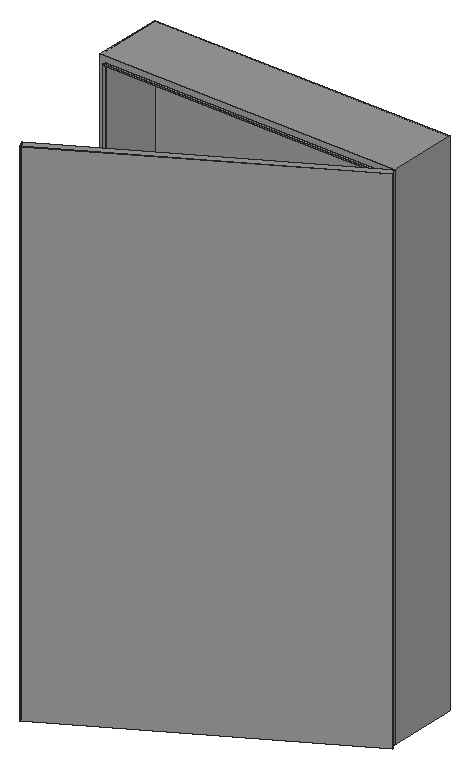
Revit family "Hager-Univers-IP54-D205-H1400-Cl.I-encl-NoHosted-DE-de", category Equipement électrique, Revit 2020
Family settings
  Configuration du panneau = Deux colonnes, circuits au sein
  Cote de connecteur circulaire = Utiliser le diamètre
  Type d'élément = Tableau de raccordement
  Basée sur le plan de construction = Oui
  Toujours verticalement = Oui
  Couper avec des vides une fois chargée = Non
  Partagée = Non
  Point de calcul de pièce = Non
Parameters (values of type "Aufputz IP54 B800 H1400 T205  - FP93TW2")
  Width Control [instance] = if([EF000008 - Breite] > Min Width, [EF000008 - Breite], Min Width)  # 800 mm
  Commentaires du type = [HG000003 - Bereich]  # "Univers"
  Thickness Door [instance] = if([EF009171 - Materialstärke Tür/Deckel] > 3 mm, 3 mm, [EF009171 - Materialstärke Tür/Deckel])  # 1 mm
  Seal Frame Offset [instance] = 17 mm  # constant formula
  Plinth Visibility [instance] = [HG000027 - Sockelhöhe] > 0 mm  # no
  Min Width [instance] = 100 mm  # constant formula
  Min Depth [instance] = (2 * [EF009170 - Materialstärke Gehäuse]) + 1 mm  # 3 mm
  Min Height [instance] = 100 mm  # constant formula
  Internal Frame Depth [instance] = (Door System Depth * 0.5)  # 9 mm
  Panel Name [instance] = ""  # (empty or 0)
  Model = ""
  HG000027 - Sockelhöhe = 0 mm
  HG000026 - Stehend auf dem Boden = no
  HG000024 - Höhe des unteren Teils = 600 mm
  HG000023 - Gehäuse mit doppeltem Querschnitt = no
  HG000016 - 3D-Türsichtbarkeit [instance] = yes
  HG000015 - Sichtbarkeit der Türöffnung [instance] = no
  HG000014 - Tür rechts [instance] = yes
  HG000013 - Tür links [instance] = not([HG000014 - Tür rechts])  # no
  HG000012 - Türschwenkwinkel [instance] = 30.00°
  HG000010 - Asymmetrische Türen = no
  HG000009 - Doppelflügeligen Tür = no
  HG000006 - Unterputz = no
  HG000004 - Herstellerreferenz = "FP93TW2"
  HG000003 - Bereich = "Univers"
  HG000002 - Mit tür = yes
  Frame Offset Bottom [instance] = 10 mm  # constant formula
  Frame Offset [instance] = 15 mm  # constant formula
  EF015940 - Deckel mit Überdruckentlastung = no
  EF011959 - Schutzart (NEMA) = ""
  EF009554 - Anzahl der Öffnungen für Flanschplatten = 6
  EF009212 - Ausführung Deckel = "EV000116 - geschlossen"
  EF009171 - Materialstärke Tür/Deckel = 1 mm
  EF009170 - Materialstärke Gehäuse = 1 mm
  EF008873 - Nennstrom (In) = 250 A
  EF007800 - Geeignet für Blitzschutz = no
  EF006306 - Mit Schloss = no
  EF006244 - Transparenter Deckel/Tür = no
  EF005474 - Schutzart (IP) = "EV006419 - IP54"
  EF004464 - Art der Tür = "EV002646 - Einzel"
  EF004427 - Anzahl der Module = 324
  EF004293 - Schlagfestigkeit = "EV006815 - IK09"
  EF003532 - Geeignet für Außengebrauch = no
  EF002950 - Breite in Teilungseinheiten = 36
  EF001613 - Funktionserhalt = "EV000494 - ohne"
  EF001596 - Werkstoff des Gehäuses = "EV000179 - Stahl"
  EF001131 - Innentiefe = 130 mm
  EF001088 - Anbaumöglichkeit = yes
  EF000437 - Anzahl der Leitungseinführungen = 6
  EF000339 - Art der Abdeckung = "EV001012 - Deckel"
  EF000266 - Anzahl der Reihen = 9
  EF000218 - Einbautiefe = 205 mm
  EF000118 - Mit Montageplatte = no
  EF000116 - RAL-Nummer = "9010"
  EF000049 - Tiefe = 205 mm
  EF000040 - Höhe = 1400 mm
  EF000008 - Breite = 800 mm
  EF000007 - Farbe = "EV000202 - weiß"
  EF000003 - Montageart = "EV000384 - Aufputz"
  Door System Leaf Tolerance [instance] = 1.5 mm  # constant formula
  Door System Depth [instance] = 18 mm  # constant formula
  Door Height [instance] = Height Control - [HG000027 - Sockelhöhe]  # 1400 mm
  Description = ""
  Default Elevation = 1219.2 mm
  Connector Offset [instance] = Height Control / 2  # 700 mm
  Fabricant = "Hager"  # constant formula
  Height Control [instance] = if([EF000040 - Höhe] > Min Height, [EF000040 - Höhe], Min Height)  # 1400 mm
  Depth Control [instance] = if([EF000049 - Tiefe] > Min Depth, [EF000049 - Tiefe], Min Depth)  # 205 mm
  Bottom Top Plate Trim [instance] = 1.5 mm  # constant formula
  Plinth height Ctrl [instance] = if([HG000027 - Sockelhöhe] > 0 mm, [HG000027 - Sockelhöhe], 12 mm)  # 12 mm
Types (8, lengths in mm): name | Width Control | HG000009 - Doppelflügeligen Tür | HG000004 - Herstellerreferenz | EF009554 - Anzahl der Öffnungen für Flanschplatten | EF004464 - Art der Tür | EF004427 - Anzahl der Module | EF002950 - Breite in Teilungseinheiten | EF000437 - Anzahl der Leitungseinführungen | EF000008 - Breite
  Aufputz IP54 B1050 H1400 T205  - FP94TW2 | 1050 | no | "FP94TW2" | 8 | "EV003602 - Doppel" | 432 | 48 | 8 | 1050
  Aufputz IP54 B1300 H1400 T205  - FP95TW | 1300 | yes | "FP95TW" | 10 | "EV003602 - Doppel" | 540 | 60 | 10 | 1300
  Aufputz IP54 B1300 H1400 T205  - FP95TW2 | 1300 | yes | "FP95TW2" | 10 | "EV003602 - Doppel" | 540 | 60 | 10 | 1300
  Aufputz IP54 B300 H1400 T205  - FP91TW2 | 300 | no | "FP91TW2" | 2 | "EV002646 - Einzel" | 108 | 12 | 2 | 300
  Aufputz IP54 B550 H1400 T205  - FP92TW | 550 | no | "FP92TW" | 4 | "EV002646 - Einzel" | 216 | 24 | 4 | 550
  Aufputz IP54 B550 H1400 T205  - FP92TW2 | 550 | no | "FP92TW2" | 4 | "EV002646 - Einzel" | 216 | 24 | 4 | 550
  Aufputz IP54 B800 H1400 T205  - FP93TW | 800 | no | "FP93TW" | 6 | "EV002646 - Einzel" | 324 | 36 | 6 | 800
  Aufputz IP54 B800 H1400 T205  - FP93TW2 | 800 | no | "FP93TW2" | 6 | "EV002646 - Einzel" | 324 | 36 | 6 | 800
Reference planes
  plane 1 "Center (Front/Back)": y = 0
  plane 2: z = 0
  plane 3 "Center (Left/Right)": x = 0
  plane 4: y = 0
  plane 5: y = 0
  plane 6: z = 0
  plane 7: x = -400
  plane 8: x = 400
  plane 9: x = 399
  plane 10: x = -399
  plane 11: z = 0
  plane 12: z = 1
  plane 13: y = -205
  plane 14: y = -1
  plane 15: x = 0
  plane 16: y = -187
  plane 17: y = -204
  plane 18: y = -186
  plane 19: x = -384
  plane 20: x = 384
  plane 21: z = 11
  plane 22: x = -383
  plane 23: x = 383
  plane 24: z = 0
  plane 25: z = 1400
  plane 26: z = 1400
  plane 27: z = 1384
  plane 28: z = 1399
Forms (mm)
  Extrusion 1, solid, material "Hager_Steel_RAL7035_Light_Grey", detail levels medium+fine
    sketch origin (-208.679, -4572, 0) x (-1, 0, 0) y (0, -1, 0)
      loop
        line (191.321, -4385) -> (-608.679, -4385) -> (-608.679, -4572) -> (191.321, -4572) -> (191.321, -4385)
    from 0 to 1400
  Extrusion 2, void
    sketch origin (-350.771, -205, 1219.2) x (1, 0, 0) y (0, 0, 1)
      loop
        line (-48.229, 179.8) -> (-48.229, -1218.2) -> (749.771, -1218.2) -> (749.771, 179.8) -> (-48.229, 179.8)
    from -19 to -204
  Extrusion 3, void
    sketch origin (-290.084, -187, 1219.2) x (1, 0, 0) y (0, 0, 1)
      loop
        line (-93.916, -1208.2) -> (674.084, -1208.2) -> (674.084, 164.8) -> (-93.916, 164.8) -> (-93.916, -1208.2)
    from 0 to -1
  Extrusion 4, solid, material "Hager_Steel_RAL7035_Light_Grey", visible <- "Plinth Visibility", detail levels medium+fine
    sketch origin (0, 0, 0) x (1, 0, 0) y (0, 1, 0)
      loop
        line (-400, 0) -> (-400, -187) -> (400, -187) -> (400, 0) -> (-400, 0)
    from 0 to 12 <- "Plinth height Ctrl"
  Extrusion 5, solid, material "Hager_Steel_RAL7035_Light_Grey", detail levels coarse
    sketch origin (0, 0, 0) x (1, 0, 0) y (0, 1, 0)
      loop
        line (-400, 0) -> (-400, -205) -> (400, -205) -> (400, 0) -> (-400, 0)
    from 0 to 1400 <- "Height Control"
  Sweep 6, void
    path in 3D
      loop
        line (-400, -187, 12) -> (400, -187, 12) -> (400, 0, 12) -> (-400, 0, 12) -> (-400, -187, 12)
    profile origin (-400, -93.5, 12) x (1, 0, 0) y (0, 0, 1)
      loop
        line (0, 0) -> (0, -1.5) -> (1.5, -1.5)
        arc (1.5, -1.5) -> (1.061, -0.439) -> (0, 0) r 1.5
  Extrusion 7, solid, material "Hager_Steel_RAL7035_Light_Grey", detail levels fine
    sketch origin (-400, -187, 0) x (1, 0, 0) y (0, 0, 1)
      loop
        line (16, 11) -> (784, 11) -> (784, 1384) -> (16, 1384) -> (16, 11)
      loop
        line (15, 10) -> (785, 10) -> (785, 1385) -> (15, 1385) -> (15, 10)
    from 0 to 9 <- "Internal Frame Depth"
Cuts and joins
  Extrusion 2, Extrusion 3 cuts Extrusion 1
  Sweep 6 cuts Extrusion 4
Lines and regions (mm)
  Masking region 1
    outline origin (0, 0, 0) x (1, 0, 0) y (0, 1, 0)
      loop
        line (-400, 0) -> (-400, -205) -> (400, -205) -> (400, 0) -> (-400, 0)
  Masking region 2, detail levels coarse
    outline origin (-290.084, -187, 1219.2) x (-1, 0, 0) y (0, 0, 1)
      loop
        line (-690.084, -1219.2) -> (109.916, -1219.2) -> (109.916, 180.8) -> (-690.084, 180.8) -> (-690.084, -1219.2)
  Masking region 3, detail levels coarse
    outline origin (0, 0, 0) x (0, 1, 0) y (0, 0, 1)
      loop
        line (0, 0) -> (0, 1400) -> (-205, 1400) -> (-205, 0) -> (0, 0)
  Masking region 4, visible <- "Plinth Visibility", detail levels medium+fine
    outline origin (0, 0, 0) x (0, 1, 0) y (0, 0, 1)
      loop
        line (-1.5, 12) -> (-185.5, 12)
        arc (-185.5, 12) -> (-185.939, 10.939) -> (-187, 10.5) r 1.5
        line (-187, 10.5) -> (-187, 0) -> (0, 0) -> (0, 10.5)
        arc (0, 10.5) -> (-1.061, 10.939) -> (-1.5, 12) r 1.5
  Masking region 5, detail levels medium+fine
    outline origin (0, 0, 594.038) x (0, 1, 0) y (0, 0, 1)
      loop
        line (0, -594.038) -> (0, 805.962) -> (-187, 805.962) -> (-187, -594.038) -> (0, -594.038)
  Masking region 6, detail levels medium+fine
    outline origin (-359.7, -187, 1211.883) x (-1, 0, 0) y (0, 0, 1)
      loop
        line (-759.7, -1211.883) -> (40.3, -1211.883) -> (40.3, 188.117) -> (-759.7, 188.117) -> (-759.7, -1211.883)
  Masking region 7, visible <- "Plinth Visibility", detail levels medium+fine
    outline origin (-320.334, -187, 1041.368) x (-1, 0, 0) y (0, 0, 1)
      loop
        line (-720.334, -1041.368) -> (79.666, -1041.368) -> (79.666, -1030.868)
        arc (79.666, -1030.868) -> (78.606, -1030.429) -> (78.166, -1029.368) r 1.5
        line (78.166, -1029.368) -> (-718.834, -1029.368)
        arc (-718.834, -1029.368) -> (-719.273, -1030.429) -> (-720.334, -1030.868) r 1.5
        line (-720.334, -1030.868) -> (-720.334, -1041.368)
  sketch lines
    curve 1: line (-400, 0, 12) -> (-400, -187, 12)
    curve 2: line (-400, -187, 12) -> (400, -187, 12)
    curve 3: line (400, 0, 12) -> (-400, 0, 12)
    curve 4: line (400, -187, 12) -> (400, 0, 12)
Dimensions and locks
  locked: plane 1 "Center (Front/Back)" to plane 5
  "EF009170 - Materialstärke Gehäuse": plane 7 to plane 10
  "EF009170 - Materialstärke Gehäuse": plane 8 to plane 9
  equal spacing: plane 7, plane 3 "Center (Left/Right)", plane 8
  "Width Control": plane 7 to plane 8
  "Depth Control": plane 4 to plane 13
  "EF009170 - Materialstärke Gehäuse": plane 4 to plane 14
  "Height Control": plane 25 to level
  "HG000027 - Sockelhöhe": plane 11 to level
  "EF009170 - Materialstärke Gehäuse": plane 12 to plane 11
  "EF009170 - Materialstärke Gehäuse": plane 17 to plane 13
  "EF009170 - Materialstärke Gehäuse": plane 18 to plane 16
  "Frame Offset Bottom": plane 21 to plane 12
  "Frame Offset": plane 10 to plane 19
  "Frame Offset": plane 9 to plane 20
  "Door System Depth": plane 16 to plane 13
  "Seal Frame Offset": plane 7 to plane 22
  "Seal Frame Offset": plane 8 to plane 23
  "EF009170 - Materialstärke Gehäuse": plane 26 to plane 28
  "Frame Offset": plane 28 to plane 27
  "Connector Offset": plane 2 to connector elem
  "Bottom Top Plate Trim": profile plane to Sweep 6 sketch curve
  "Bottom Top Plate Trim": Sweep 6 sketch curve to Sweep 6 sketch curve
  "Plinth height Ctrl": Masking region 4 sketch curve to level
  "Plinth height Ctrl": Masking region 7 sketch curve to level
  "Thickness Door": Extrusion 7 sketch curve to Extrusion 7 sketch curve  (x4)
  "Bottom Top Plate Trim": radius of Sweep 6 sketch curve
  "Bottom Top Plate Trim": radius of Masking region 4 sketch curve  (x2)
  "Bottom Top Plate Trim": radius of Masking region 7 sketch curve  (x2)
  aligned and locked: Extrusion 2 sketch curve to plane 12
  aligned and locked: Extrusion 2 sketch curve to plane 9
  aligned and locked: Extrusion 2 sketch curve to plane 10
  aligned and locked: Extrusion 2 to plane 14
  aligned and locked: Extrusion 1 sketch curve to plane 4
  aligned and locked: plane 8 to Extrusion 1 sketch curve
  aligned and locked: plane 7 to Extrusion 1 sketch curve
  aligned and locked: Extrusion 2 to plane 18
  aligned and locked: Extrusion 3 sketch curve to plane 19
  aligned and locked: plane 20 to Extrusion 3 sketch curve
  aligned and locked: Extrusion 3 to Extrusion 2
  aligned and locked: Extrusion 3 sketch curve to plane 21
  aligned and locked: plane 3 "Center (Left/Right)" to nested 1
  aligned and locked: Extrusion 1 sketch curve to plane 16
  aligned and locked: Extrusion 4 sketch curve to cut or joined group of Extrusion 1, Extrusion 2, Extrusion 3
  aligned and locked: Masking region 1 sketch curve to plane 7
  aligned and locked: Masking region 1 sketch curve to plane 5
  aligned and locked: Masking region 1 sketch curve to plane 8
  aligned and locked: Masking region 2 sketch curve to level
  aligned and locked: level to Masking region 3 sketch curve
  aligned and locked: plane 1 "Center (Front/Back)" to Masking region 3 sketch curve
  aligned and locked: plane 13 to Masking region 3 sketch curve
  aligned and locked: plane 5 to Masking region 4 sketch curve
  aligned and locked: Masking region 2 sketch curve to plane 8
  aligned and locked: Masking region 2 sketch curve to plane 7
  aligned and locked: plane 7 to nested 2
  aligned and locked: nested 2 to plane 5
  aligned and locked: plane 5 to Masking region 5 sketch curve
  aligned and locked: plane 26 to Masking region 5 sketch curve
  aligned and locked: Extrusion 5 sketch curve to plane 8
  aligned and locked: Extrusion 5 sketch curve to plane 7
  aligned and locked: Extrusion 5 sketch curve to plane 5
  aligned and locked: Extrusion 3 sketch curve to plane 27
  aligned and locked: Extrusion 2 sketch curve to plane 28
  aligned and locked: Masking region 2 to plane 25
  aligned and locked: Extrusion 4 to plane 16
  aligned and locked: profile plane to Sweep 6 sketch curve
  aligned and locked: Masking region 5 sketch curve to plane 24
  aligned and locked: level to Masking region 4 sketch curve
  aligned and locked: Masking region 1 to plane 13
  aligned and locked: nested 1 to plane 16
  aligned and locked: Masking region 3 to plane 25
  aligned and locked: plane 16 to Masking region 4 sketch curve
  aligned and locked: Masking region 5 sketch curve to plane 16
  aligned and locked: plane 24 to plane 11
  aligned and locked: plane 26 to plane 25
  aligned and locked: plane 26 to cut or joined group of Extrusion 1, Extrusion 2, Extrusion 3
  aligned and locked: nested 1 to plane 24
  aligned and locked: Extrusion 1 to Extrusion 3
  aligned and locked: Masking region 6 sketch curve to plane 8
  aligned and locked: Masking region 6 sketch curve to plane 24
  aligned and locked: Masking region 6 sketch curve to plane 7
  aligned and locked: Masking region 6 sketch curve to plane 26
  aligned and locked: Masking region 7 sketch curve to plane 7
  aligned and locked: level to Masking region 7 sketch curve
  aligned and locked: Masking region 7 sketch curve to plane 8
  aligned and locked: Extrusion 7 sketch curve to cut or joined group of Extrusion 1, Extrusion 2, Extrusion 3  (x4)
Automatic sketch dimensions
  plane 19 to Extrusion 3 sketch curve = 0 mm
  Extrusion 3 sketch curve to plane 20 = 0 mm
  Extrusion 3 sketch curve to plane 21 = 0 mm
  Extrusion 4 sketch curve to plane 7 = 0 mm
  Extrusion 4 sketch curve to plane 8 = 0 mm
  Extrusion 4 sketch curve to plane 16 = 0 mm
  Masking region 1 sketch curve to plane 13 = 0 mm
  Masking region 2 sketch curve to plane 25 = 0 mm
  Masking region 3 sketch curve to plane 25 = 0 mm
  Extrusion 5 sketch curve to plane 13 = 0 mm
  profile plane to Sweep 6 sketch curve = 0 mm
Nested families
  nested 1: "EC000058_Univers_Door" at (0, -187, 0), Double <- "HG000009 - Doppelflügeligen Tür", Transparent <- "EF006244 - Transparenter Deckel/Tür", Angle <- "HG000012 - Türschwenkwinkel", Door_Right <- "HG000014 - Tür rechts", Assymetrical <- "HG000010 - Asymmetrische Türen", Door <- "HG000002 - Mit tür", Width_Ctrl <- "Width Control", 3d_Door <- "HG000016 - 3D-Türsichtbarkeit", Clearance <- "HG000015 - Sichtbarkeit der Türöffnung", Door_Left <- "HG000013 - Tür links", Width <- "Width Control", Door_Depth <- "Door System Depth", Leaf_Tolerance <- "Door System Leaf Tolerance", Height <- "Door Height", Lock_Visibility <- "EF006306 - Mit Schloss", Thickness <- "Thickness Door", type "EC000058_Univers_Door", detail levels medium+fine
    with min_wh 3 mm, Width_Ctrl 800 mm, Width 800 mm, Transparent no, Thickness 1 mm, Seal_Material Hager_Rubber, Lock_Visibility no, Lock_Material Hager_Plastic_RAL9005_Jet_Black, Leaf_Width 800 mm, Leaf_Tolerance_External_Sides 0 mm, Leaf_Tolerance 1.5 mm, Leaf_Offset 0 mm, Leaf_Height 1397 mm, Leaf_2_Width 800 mm, Leaf_2_Offset 400 mm, Leaf_1_Width 800 mm, Leaf_1_Offset 400 mm, Height_Ctrl 1400 mm, Height 1400 mm, Glass_Material Hager_Glass, Double_Clearance_Ctrl no, Double no, Door_Right_Ctrl yes, Door_Right yes, Door_Material Hager_Steel_RAL7035_Light_Grey, Door_Left_Ctrl no, Door_Left no, Door_Depth 18 mm, Door yes, Clearance_Material Hager_Clearance, Clearance_Depth 800 mm, Clearance_Ctrl no, Clearance no, Assymetrical no, Angle 30.00°, 3d_Door yes
  nested 2: "Hager_Enclosure_Symbol" at (-400, 0, 0), Height <- "Depth Control", Width <- "Width Control", type "Hager_Enclosure_Symbol"
    with Width_Ctrl 800 mm, Width 800 mm, Height_Ctrl 205 mm, Height 205 mm, A_Width_Int 13.453 mm, A_Width 161.438 mm, A_Height_Ctrl 179.375 mm, A_Height 179.375 mm
Connectors
  electrical at (0, 0, 700)
    settings: on plane 1 "Center (Front/Back)", index 1, voltage 0 V, apparent load 0 VA, apparent load phase1 0 VA, apparent load phase2 0 VA, apparent load phase3 0 VA, power factor 1, load classification "Other", number of poles 1, system type 30, power factor state 1, is connector primary yes, connector utility no, sub classification motor no, connector description ""
Definition of nested family "EC000058_Univers_Door"
  Parameters (values of type "EC000058_Univers_Door")
    min_wh [instance] = (2 * Thickness) + 1 mm  # 11 mm
    Width_Ctrl [instance] = 400 mm
    Width [instance] = 500 mm
    Transparent [instance] = yes
    Thickness [instance] = 5 mm
    Seal_Material [instance] = none
    Lock_Visibility [instance] = yes
    Lock_Material [instance] = none
    Leaf_Width [instance] = if((Width_Ctrl - 2 * Leaf_Tolerance_External_Sides) > 0 mm, (Width_Ctrl - 2 * Leaf_Tolerance_External_Sides), min_wh)  # 400 mm
    Leaf_Tolerance_External_Sides [instance] = 0 mm  # constant formula
    Leaf_Tolerance [instance] = 1.5 mm
    Leaf_Offset [instance] = 0 mm  # constant formula
    Leaf_Height [instance] = if((Height_Ctrl - 2 * Leaf_Tolerance) > 0 mm, (Height_Ctrl - 2 * Leaf_Tolerance), min_wh)  # 497 mm
    Leaf_2_Width [instance] = if(and(and(Double, Assymetrical), Door_Left), (Leaf_Width / 3) - (Leaf_Tolerance / 2), if(and(and(Double, Assymetrical), Door_Right), (Leaf_Width / 3) * 2 - (Leaf_Tolerance / 2), if(and(Double, not(Assymetrical)), (Leaf_Width / 2) - Leaf_Tolerance, Leaf_Width)))  # 400 mm
    Leaf_2_Offset [instance] = if(and(Double, Assymetrical), Leaf_2_Width / 2, if(and(Double, not(Assymetrical)), Leaf_Width / 4, Leaf_Width / 2))  # 200 mm
    Leaf_1_Width [instance] = if(and(and(Double, Assymetrical), Door_Right), (Leaf_Width / 3) - (Leaf_Tolerance / 2), if(and(and(Double, Assymetrical), Door_Left), (Width / 3) * 2 - (Leaf_Tolerance / 2), if(and(Double, not(Assymetrical)), (Leaf_Width / 2) - Leaf_Tolerance, Leaf_Width)))  # 400 mm
    Leaf_1_Offset [instance] = if(and(Double, Assymetrical), Leaf_1_Width / 2, if(and(Double, not(Assymetrical)), Leaf_Width / 4, Leaf_Width / 2))  # 200 mm
    Height_Ctrl [instance] = if(Height > min_wh, Height, min_wh)  # 500 mm
    Height [instance] = 500 mm
    Glass_Material [instance] = none
    Double_Clearance_Ctrl [instance] = and(Double, Clearance)  # no
    Double [instance] = no
    Door_Right_Ctrl [instance] = and(or(Door_Right, Double), Door)  # yes
    Door_Right [instance] = yes
    Door_Material [instance] = none
    Door_Left_Ctrl [instance] = and(or(Door_Left, Double), Door)  # no
    Door_Left [instance] = no
    Door_Depth [instance] = 30 mm
    Door [instance] = yes
    Default Elevation = 1219.2 mm
    Clearance_Material [instance] = none
    Clearance_Depth [instance] = if(Leaf_1_Width > Leaf_2_Width, Leaf_1_Width, Leaf_2_Width)  # 400 mm
    Clearance_Ctrl [instance] = and(not(Double), Clearance)  # yes
    Clearance [instance] = yes
    Assymetrical [instance] = yes
    Angle [instance] = 30.00°
    3d_Door [instance] = yes
  Reference planes
    plane 1 "Center (Front/Back)": y = 0
    plane 2 "Bottom": z = 0
    plane 3 "Center (Left/Right)": x = 0
    plane 4: z = 500
    plane 5: x = -200
    plane 6: x = 200
    plane 7: z = 500
    plane 8: x = -200
    plane 9: z = 0
    plane 10: x = 200
    plane 11: y = 0
    plane 12: z = 1.5
    plane 13: x = -600
    plane 14: y = -400
    plane 15: x = 600
    plane 16: x = 0
    plane 17: x = 0
    plane 18: x = -200
    plane 19: x = 200
    plane 20: z = 498.5
  Forms (mm)
    Extrusion 1, solid, material <- "Clearance_Material", visible <- "Double_Clearance_Ctrl"
      sketch origin (1200, 0, 0) x (1, 0, 0) y (0, 0, -1)
        loop
          line (-1800, -498.5) -> (-600, -498.5) -> (-600, 0) -> (-1800, 0) -> (-1800, -498.5)
      from 0 to -400
  Dimensions and locks
    equal spacing: plane 5, plane 3 "Center (Left/Right)", plane 6
    "Width_Ctrl": plane 5 to plane 6
    "Leaf_Offset": plane 5 to plane 8
    "Leaf_Offset": plane 6 to plane 10
    "Leaf_Offset": plane 9 to level
    "Leaf_Offset": plane 4 to plane 7
    "Height_Ctrl": plane 4 to level
    "Leaf_Tolerance": plane 12 to plane 9
    locked: plane 11 to plane 1 "Center (Front/Back)"
    "Leaf_1_Offset": plane 18 to plane 16
    "Leaf_2_Offset": plane 17 to plane 19
    "Leaf_1_Width": plane 13 to plane 8
    "Leaf_2_Width": plane 10 to plane 15
    "Clearance_Depth": plane 14 to plane 1 "Center (Front/Back)"
    "Leaf_Tolerance_External_Sides": plane 8 to plane 18
    "Leaf_Tolerance_External_Sides": plane 19 to plane 10
    "Leaf_Tolerance": plane 7 to plane 20
    aligned and locked: level to plane 2 "Bottom"
    aligned and locked: nested 1 to plane 16
    aligned and locked: nested 2 to plane 17
    aligned and locked: Extrusion 1 to plane 13
    aligned and locked: plane 15 to Extrusion 1
    aligned and locked: Extrusion 1 to plane 14
    aligned and locked: plane 12 to nested 1
    aligned and locked: nested 2 to plane 12
    aligned and locked: Extrusion 1 to plane 11
    aligned and locked: plane 20 to Extrusion 1
    aligned and locked: nested 2 to plane 11
    aligned and locked: nested 1 to plane 11
  Automatic sketch dimensions
    Extrusion 1 sketch curve to level = 0 mm
    plane 5 to Extrusion 1 sketch curve = 400 mm
    plane 6 to Extrusion 1 sketch curve = 400 mm
    Extrusion 1 sketch curve to plane 4 = 1.5 mm
  Nested families
    nested 1: "EC000058_Univers_Door_Leaf" at (0, 0, 1.5), Width <- "Leaf_1_Width", visible <- "Door_Left_Ctrl", Leaf_Height <- "Leaf_Height", Angle <- "Angle", 3d_Door <- "3d_Door", Transparent <- "Transparent", Clearance Material <- "Clearance_Material", Clearance <- "Clearance_Ctrl", Door_Material <- "Door_Material", Glass_Material <- "Glass_Material", Door_Depth <- "Door_Depth", Lock_Material <- "Lock_Material", Seal_Material <- "Seal_Material", Lock_Visibility <- "Lock_Visibility", Thickness <- "Thickness", type "EC000058_Univers_Door_Leaf"
      with Width 400 mm, Transparent_Glass_Offset 30 mm, Transparent_Ctrl yes, Transparent yes, Thickness 5 mm, Standard no, Seal_Material none, Seal_D2 8 mm, Seal_D1 1 mm, Offset_Internal_Frame 10 mm, Lock_Width 20 mm, Lock_Visibility_3d yes, Lock_Visibility yes, Lock_Thickness_3 3 mm, Lock_Thickness_2 1 mm, Lock_Thickness_1 3 mm, Lock_Radius_Offset_2 16 mm, Lock_Radius_Offset_1 15 mm, Lock_Radius_2 5 mm, Lock_Radius 6 mm, Lock_Offset 5 mm, Lock_Material none, Lock_Height 80 mm, Lock_Cover_Top_Offset_2d 17 mm, Lock_Cover_Height -65 mm, Leaf_Height 497 mm, Internal_Seal_Thickness 8 mm, Internal_Seal_Depth_2 4.5 mm, Internal_Frame_Depth 25 mm, Glass_Thickness -1 mm, Glass_Offset -2 mm, Glass_Material none, Door_Material none, Door_Depth 30 mm, Clearance Material none, Clearance yes, Angle_Ctrl 30.00°, Angle 30.00°, 3d_Door yes
    nested 2: "EC000058_Univers_Door_Leaf" at (0, 0, 1.5) x (-1, 0, 0) z (0, 0, 1), Width <- "Leaf_2_Width", visible <- "Door_Right_Ctrl", Leaf_Height <- "Leaf_Height", Angle <- "Angle", 3d_Door <- "3d_Door", Transparent <- "Transparent", Clearance Material <- "Clearance_Material", Clearance <- "Clearance_Ctrl", Door_Material <- "Door_Material", Glass_Material <- "Glass_Material", Door_Depth <- "Door_Depth", Lock_Material <- "Lock_Material", Seal_Material <- "Seal_Material", Lock_Visibility <- "Lock_Visibility", Thickness <- "Thickness", type "EC000058_Univers_Door_Leaf"
      with Width 400 mm, Transparent_Glass_Offset 30 mm, Transparent_Ctrl yes, Transparent yes, Thickness 5 mm, Standard no, Seal_Material none, Seal_D2 8 mm, Seal_D1 1 mm, Offset_Internal_Frame 10 mm, Lock_Width 20 mm, Lock_Visibility_3d yes, Lock_Visibility yes, Lock_Thickness_3 3 mm, Lock_Thickness_2 1 mm, Lock_Thickness_1 3 mm, Lock_Radius_Offset_2 16 mm, Lock_Radius_Offset_1 15 mm, Lock_Radius_2 5 mm, Lock_Radius 6 mm, Lock_Offset 5 mm, Lock_Material none, Lock_Height 80 mm, Lock_Cover_Top_Offset_2d 17 mm, Lock_Cover_Height -65 mm, Leaf_Height 497 mm, Internal_Seal_Thickness 8 mm, Internal_Seal_Depth_2 4.5 mm, Internal_Frame_Depth 25 mm, Glass_Thickness -1 mm, Glass_Offset -2 mm, Glass_Material none, Door_Material none, Door_Depth 30 mm, Clearance Material none, Clearance yes, Angle_Ctrl 30.00°, Angle 30.00°, 3d_Door yes
  Definition of nested family "EC000058_Univers_Door_Leaf"
    Parameters (values of type "EC000058_Univers_Door_Leaf")
      Width [instance] = 2000 mm
      Transparent_Glass_Offset [instance] = 30 mm
      Transparent_Ctrl [instance] = and(Transparent, [3d_Door])  # yes
      Transparent [instance] = yes
      Thickness [instance] = 5 mm
      Standard [instance] = and(not(Transparent), [3d_Door])  # no
      Seal_Material [instance] = none
      Seal_D2 [instance] = 8 mm  # constant formula
      Seal_D1 [instance] = 1 mm  # constant formula
      Offset_Internal_Frame [instance] = 10 mm  # constant formula
      Lock_Width [instance] = 20 mm  # constant formula
      Lock_Visibility_3d [instance] = and(Lock_Visibility, [3d_Door])  # yes
      Lock_Visibility [instance] = yes
      Lock_Thickness_3 [instance] = 3 mm  # constant formula
      Lock_Thickness_2 [instance] = 1 mm  # constant formula
      Lock_Thickness_1 [instance] = 3 mm  # constant formula
      Lock_Radius_Offset_2 [instance] = Lock_Radius_Offset_1 + 1 mm  # 16 mm
      Lock_Radius_Offset_1 [instance] = 15 mm  # constant formula
      Lock_Radius_2 [instance] = Lock_Radius - 1 mm  # 5 mm
      Lock_Radius [instance] = 6 mm  # constant formula
      Lock_Offset [instance] = 5 mm  # constant formula
      Lock_Material [instance] = none
      Lock_Height [instance] = 80 mm  # constant formula
      Lock_Cover_Top_Offset_2d [instance] = Lock_Radius_Offset_2 + 1 mm  # 17 mm
      Lock_Cover_Height [instance] = -(Lock_Height - Lock_Radius_Offset_1)  # -65 mm
      Leaf_Height [instance] = 2720.336 mm
      Internal_Seal_Thickness [instance] = 8 mm  # constant formula
      Internal_Seal_Depth_2 [instance] = 4.5 mm  # constant formula
      Internal_Frame_Depth [instance] = if(Door_Depth - Thickness > 5 mm, Door_Depth - Thickness, 5 mm)  # 25 mm
      Glass_Thickness [instance] = if(Thickness > 15 mm, Glass_Offset + 10 mm, -1 mm)  # -1 mm
      Glass_Offset [instance] = if(Thickness > 15 mm, -(Thickness + 10 mm) / 2, -2 mm)  # -2 mm
      Glass_Material [instance] = none
      Door_Material [instance] = none
      Door_Depth [instance] = 30 mm
      Default Elevation = 0 mm
      Clearance Material [instance] = none
      Clearance [instance] = yes
      Angle_Ctrl [instance] = if(Angle > 180.00°, 180.00°, Angle)  # 90.00°
      Angle [instance] = 90.00°
      3d_Door [instance] = yes
    Reference planes
      plane 1 "Center (Front/Back)": y = 0
      plane 2: z = 0
      plane 3 "Center (Left/Right)": x = 0
      plane 4: y = 2000
      plane 5: x = -1000
      plane 6: x = 1000
      plane 7: x = -3000
      plane 8: z = 2720.336
      plane 9: z = 30
      plane 10: z = 2690.336
      plane 11: x = 970
      plane 12: x = -970
      plane 13: y = -3
      plane 14: z = 107.833
      plane 15: y = -5
      plane 16: y = -223.314
      plane 17: x = -1000
      plane 18: z = 1360.168
      plane 19: y = 30
    Forms (mm)
      Extrusion 1, solid, material <- "Clearance Material", visible <- "Clearance"
        sketch origin (0, 0, 0) x (1, 0, 0) y (0, 0, 1)
          loop
            line (-3000, 2720.336) -> (-3000, 0) -> (1000, 0) -> (1000, 2720.336) -> (-3000, 2720.336)
        from 0 to -2000
      Extrusion 2, solid, material <- "Door_Material", visible <- "Standard", detail levels medium+fine
        sketch origin (-1000, 0, 0) x (0, 1, 0) y (-1, 0, 0)
          loop
            line (0, 30) -> (0, 25) -> (2000, 25) -> (2000, 30) -> (0, 30)
        from 0 to 2720.336 <- "Leaf_Height"
      Extrusion 3, solid, material <- "Door_Material", visible <- "Transparent_Ctrl", detail levels medium+fine
        sketch origin (-1000, 0, 0) x (0, 1, 0) y (-1, 0, 0)
          loop
            line (0, 25) -> (2000, 25) -> (2000, 30) -> (0, 30) -> (0, 25)
        from 0 to 2720.336 <- "Leaf_Height"
      Extrusion 4, void
        sketch origin (-1025, 2000, 0) x (0, 1, 0) y (0, 0, -1)
          loop
            line (-30, -2690.336) -> (-30, -30) -> (-1970, -30) -> (-1970, -2690.336) -> (-30, -2690.336)
        from 0 to 5 <- "Thickness"
      Sweep 5, solid, material <- "Seal_Material", visible <- "Transparent_Ctrl", detail levels fine
        path in 3D
          loop
            line (-1025, 30, 30) -> (-1025, 30, 2690.336) -> (-1025, 1970, 2690.336) -> (-1025, 1970, 30) -> (-1025, 30, 30)
        profile origin (-1025, 1000, 30) x (1, 0, 0) y (0, 0, 1)
          loop
            line (0, 0) -> (0, -8) -> (1, -8) -> (1, 0) -> (0, 0)
      Extrusion 6, solid, material <- "Glass_Material", visible <- "Transparent_Ctrl", detail levels medium+fine
        sketch origin (-1030, 0, 0) x (0, 1, 0) y (0, 0, -1)
          loop
            line (1970, -2690.336) -> (1970, -30) -> (30, -30) -> (30, -2690.336) -> (1970, -2690.336)
        from -2 <- "Glass_Offset" to -1 <- "Glass_Thickness"
      Extrusion 7, solid, material <- "Door_Material", visible <- "3d_Door", detail levels medium+fine
        sketch origin (-1025, 2000, 0) x (0, -1, 0) y (0, 0, -1)
          loop
            line (0, -2720.336) -> (2000, -2720.336) -> (2000, 0) -> (0, 0) -> (0, -2720.336)
          loop
            line (1995, -5) -> (5, -5) -> (5, -2715.336) -> (1995, -2715.336) -> (1995, -5)
        from 0 to 25 <- "Internal_Frame_Depth"
      Sweep 8, solid, material <- "Seal_Material", visible <- "Transparent_Ctrl", detail levels fine
        path in 3D
          loop
            line (-1025, 0, 0) -> (-1025, 2000, 0) -> (-1025, 2000, 2720.336) -> (-1025, 0, 2720.336) -> (-1025, 0, 0)
        profile origin (-1025, 0, 1360.168) x (1, 0, 0) y (0, 1, 0)
          loop
            line (0, 10) -> (2.975, 10)
            arc (2.975, 10) -> (4.053, 10.447) -> (4.5, 11.525) r 1.525
            line (4.5, 11.525) -> (4.5, 16.527)
            arc (4.5, 16.527) -> (4.069, 17.569) -> (3.027, 18) r 1.473
            line (3.027, 18) -> (0, 18) -> (0, 10)
      Extrusion 9, solid, material <- "Lock_Material", visible <- "Lock_Visibility_3d", detail levels fine
        sketch origin (-1030, 0, 0) x (0, 1, 0) y (0, 0, -1)
          loop
            arc (1993.5, -1400.168) -> (1994.561, -1399.729) -> (1995, -1398.668) r 1.5
            line (1995, -1398.668) -> (1995, -1320.168) -> (1975, -1320.168) -> (1975, -1398.668)
            arc (1975, -1398.668) -> (1975.439, -1399.729) -> (1976.5, -1400.168) r 1.5
            line (1976.5, -1400.168) -> (1993.5, -1400.168)
        from 3 <- "Lock_Thickness_1" to 0
      Blend 10, solid, material <- "Lock_Material", visible <- "Lock_Visibility_3d", detail levels fine
        base sketch origin (-1033, 0, 0) x (0, 1, 0) y (0, 0, -1)
          loop
            line (1975, -1320.168) -> (1975, -1398.668)
            arc (1975, -1398.668) -> (1975.439, -1399.729) -> (1976.5, -1400.168) r 1.5
            line (1976.5, -1400.168) -> (1993.5, -1400.168)
            arc (1993.5, -1400.168) -> (1994.561, -1399.729) -> (1995, -1398.668) r 1.5
            line (1995, -1398.668) -> (1995, -1320.168) -> (1975, -1320.168)
        top sketch origin (-1033, 0, 0) x (0, 1, 0) y (0, 0, -1)
          loop
            line (1976, -1320.168) -> (1976, -1398.668)
            arc (1976, -1398.668) -> (1976.146, -1399.022) -> (1976.5, -1399.168) r 0.5
            line (1976.5, -1399.168) -> (1993.5, -1399.168)
            arc (1993.5, -1399.168) -> (1993.854, -1399.022) -> (1994, -1398.668) r 0.5
            line (1994, -1398.668) -> (1994, -1320.168) -> (1976, -1320.168)
        from 0 to 1 <- "Lock_Thickness_2"
      Blend 11, solid, material <- "Lock_Material", visible <- "Lock_Visibility_3d", detail levels fine
        base sketch origin (-1034, 0, 0) x (0, 1, 0) y (0, 0, -1)
          loop
            line (1978, -1320.168) -> (1978, -1384.168)
            arc (1978, -1384.168) -> (1985, -1391.168) -> (1992, -1384.168) r 7
            line (1992, -1384.168) -> (1992, -1320.168) -> (1978, -1320.168)
        top sketch origin (-1034, 0, 0) x (0, 1, 0) y (0, 0, -1)
          loop
            line (1991, -1320.168) -> (1979, -1320.168) -> (1979, -1383.168)
            arc (1979, -1383.168) -> (1985, -1389.168) -> (1991, -1383.168) r 6
            line (1991, -1383.168) -> (1991, -1320.168)
        from 0 to 3 <- "Lock_Thickness_3"
      Extrusion 12, solid, material <- "Lock_Material", visible <- "Lock_Visibility_3d", detail levels fine
        sketch origin (-1030, 1975, 1320.168) x (1, 0, 0) y (0, -1, 0)
          loop
            line (-7, -19) -> (-7, -1) -> (0, -1) -> (0, 0) -> (-8, 0) -> (-8, -20) -> (0, -20) -> (0, -19) -> (-7, -19)
        from 0 to -65 <- "Lock_Cover_Height"
      Extrusion 13, void
        sketch origin (-1038, 1995, 1320.168) x (-1, 0, 0) y (0, 0, -1)
          loop
            line (-5, -65) -> (0, -65) -> (-5, -60) -> (-5, -65)
        from 0 to 20 <- "Lock_Width"
      Extrusion 14, void
        sketch origin (-1038, 1975, 1320.168) x (0, -1, 0) y (0, 0, -1)
          loop
            circle (-10, -15.995) r 6
          loop
            circle (-10, -15.995) r 5
        from 0 to 2
      Extrusion 15, solid, material <- "Lock_Material", visible <- "Lock_Visibility_3d", detail levels medium
        sketch origin (-1030, 0, 0) x (0, 1, 0) y (0, 0, -1)
          loop
            arc (1993.5, -1400.168) -> (1994.561, -1399.729) -> (1995, -1398.668) r 1.5
            line (1995, -1398.668) -> (1995, -1320.168) -> (1975, -1320.168) -> (1975, -1398.668)
            arc (1975, -1398.668) -> (1975.439, -1399.729) -> (1976.5, -1400.168) r 1.5
            line (1976.5, -1400.168) -> (1993.5, -1400.168)
        from 8 to 0
    Cuts and joins
      Extrusion 4 cuts Extrusion 3
      Extrusion 13, Extrusion 14 cuts Extrusion 9
      Extrusion 14 cuts Blend 11
      Extrusion 13, Extrusion 14 cuts Extrusion 12
      joined: Extrusion 9, Blend 10, Blend 11, Extrusion 12
      Extrusion 14 cuts Extrusion 15
    Lines and regions (mm)
      Masking region 1, visible <- "Lock_Visibility", detail levels fine
        outline origin (0, 0, 0) x (0, 1, 0) y (0, 0, 1)
          loop
            line (30, 1320.168) -> (33, 1320.168) -> (33, 1400.168) -> (30, 1400.168) -> (30, 1320.168)
      Masking region 2, visible <- "Lock_Visibility", detail levels fine
        outline origin (0, 3.143, 0) x (0, 1, 0) y (0, 0, 1)
          loop
            line (29.857, 1354.168) -> (30.857, 1354.168) -> (30.857, 1366.168) -> (29.857, 1366.168) -> (29.857, 1354.168)
      Masking region 3, detail levels medium+fine
        outline origin (0, 0, 0) x (0, 1, 0) y (0, 0, 1)
          loop
            line (0, 0) -> (30, 0) -> (30, 2720.336) -> (0, 2720.336) -> (0, 0)
      Masking region 4, detail levels medium+fine
        outline origin (0, 0, 0) x (1, 0, 0) y (0, 0, 1)
          loop
            line (-1000, 2720.336) -> (-1000, 0) -> (1000, 0) -> (1000, 2720.336) -> (-1000, 2720.336)
      Masking region 5, visible <- "Lock_Visibility", detail levels fine
        outline origin (-47.116, 0, 0) x (1, 0, 0) y (0, 0, 1)
          loop
            arc (1024.616, 1399.168) -> (1023.556, 1398.729) -> (1023.116, 1397.668) r 1.5
            line (1023.116, 1397.668) -> (1023.116, 1320.168) -> (1041.116, 1320.168) -> (1041.116, 1397.668)
            arc (1041.116, 1397.668) -> (1040.677, 1398.729) -> (1039.616, 1399.168) r 1.5
            line (1039.616, 1399.168) -> (1024.616, 1399.168)
      Masking region 6, visible <- "Lock_Visibility", detail levels medium+fine
        outline origin (-25, 0, 0) x (1, 0, 0) y (0, 0, 1)
          loop
            arc (1001.5, 1400.168) -> (1000.439, 1399.729) -> (1000, 1398.668) r 1.5
            line (1000, 1398.668) -> (1000, 1320.168) -> (1020, 1320.168) -> (1020, 1398.668)
            arc (1020, 1398.668) -> (1019.561, 1399.729) -> (1018.5, 1400.168) r 1.5
            line (1018.5, 1400.168) -> (1001.5, 1400.168)
      Masking region 7, visible <- "Lock_Visibility", detail levels fine
        outline origin (-73.735, 0, 0) x (1, 0, 0) y (0, 0, 1)
          loop
            line (1051.735, 1382.168) -> (1065.735, 1382.168) -> (1065.735, 1384.168)
            arc (1065.735, 1384.168) -> (1058.735, 1391.168) -> (1051.735, 1384.168) r 7
            line (1051.735, 1384.168) -> (1051.735, 1382.168)
      Masking region 8, visible <- "Lock_Visibility", detail levels fine
        outline origin (-73.735, 0, 0) x (1, 0, 0) y (0, 0, 1)
          loop
            line (1052.735, 1382.168) -> (1064.735, 1382.168) -> (1064.735, 1383.168)
            arc (1064.735, 1383.168) -> (1058.735, 1389.168) -> (1052.735, 1383.168) r 6
            line (1052.735, 1383.168) -> (1052.735, 1382.168)
      Masking region 9, visible <- "Lock_Visibility", detail levels fine
        outline origin (-25, 0, 0) x (1, 0, 0) y (0, 0, 1)
          loop
            line (1020, 1320.168) -> (1020, 1382.168) -> (1000, 1382.168) -> (1000, 1320.168) -> (1020, 1320.168)
      Masking region 10, detail levels medium+fine
        outline origin (0, 0, 0) x (1, 0, 0) y (0, 0, 1)
          loop
            circle (985, 1335.144) r 6
      Masking region 11, detail levels fine
        outline origin (0, 0, 0) x (1, 0, 0) y (0, 0, 1)
          loop
            circle (985, 1335.144) r 5
      Masking region 12, visible <- "Lock_Visibility", detail levels fine
        outline origin (0, 12.767, 0) x (0, 1, 0) y (0, 0, 1)
          loop
            line (20.233, 1320.168) -> (21.233, 1320.168) -> (21.233, 1399.168) -> (20.233, 1400.168) -> (20.233, 1320.168)
      Masking region 13, visible <- "Lock_Visibility", detail levels fine
        outline origin (0, 13.767, -10) x (0, 1, 0) y (0, 0, 1)
          loop
            line (20.233, 1330.168) -> (23.233, 1330.168) -> (23.233, 1399.168) -> (20.233, 1402.168) -> (20.233, 1330.168)
      Masking region 14, visible <- "Lock_Visibility", detail levels fine
        outline origin (0, 12.767, -10) x (0, 1, 0) y (0, 0, 1)
          loop
            line (20.233, 1330.168) -> (25.233, 1330.168) -> (25.233, 1399.305) -> (20.233, 1394.305) -> (20.233, 1330.168)
      Masking region 15, visible <- "Lock_Visibility", detail levels medium
        outline origin (0, 0, 0) x (0, 1, 0) y (0, 0, 1)
          loop
            line (30, 1320.168) -> (38, 1320.168) -> (38, 1400.168) -> (30, 1400.168) -> (30, 1320.168)
      Masking region 16, visible <- "Lock_Visibility", detail levels fine
        outline origin (-1000, 0, 0) x (0, 1, 0) y (-1, 0, 0)
          loop
            line (1975, 30) -> (1995, 30) -> (1995, 38) -> (1975, 38) -> (1975, 30)
          loop
            line (1979, 37) -> (1976, 37) -> (1976, 34) -> (1978, 34) -> (1979, 37)
          loop
            line (1994, 37) -> (1991, 37) -> (1992, 34) -> (1994, 34) -> (1994, 37)
      Masking region 17, visible <- "Lock_Visibility", detail levels medium
        outline origin (-1000, 0, 0) x (0, 1, 0) y (-1, 0, 0)
          loop
            line (1975, 30) -> (1995, 30) -> (1995, 38) -> (1975, 38) -> (1975, 30)
      symbolic lines
        curve 1: line (1000, 0, 0) -> (-3000, 0, 0)
        curve 2: arc (1000, 0, 0) -> (-1000, 2000, 0) -> (-3000, 0, 0) r 2000
        curve 4: line (-1030, 0, 0) -> (-1030, 2000, 0)
      reference lines
        curve 3: line (-1000, 0, 0) -> (-1000, 2000, 0)
      symbolic lines, detail levels medium+fine
        curve 5: line (-1030, 2000, 0) -> (-1025, 2000, 0)
        curve 7: line (-1025, 0, 0) -> (-1030, 0, 0)
        curve 8: line (-1025, 0, 0) -> (-1000, 0, 0)
        curve 9: line (-1000, 0, 0) -> (-1000, 2000, 0)
        curve 10: line (-1000, 2000, 0) -> (-1025, 2000, 0)
      symbolic lines, detail levels fine
        curve 6: line (-1025, 2000, 0) -> (-1025, 0, 0)
      sketch lines
        curve 11: line (-1025, 0, 2720.336) -> (-1025, 0, 0)
        curve 12: line (-1025, 2000, 0) -> (-1025, 0, 0)
        curve 13: line (-1025, 2000, 2720.336) -> (-1025, 2000, 0)
        curve 14: line (-1025, 0, 2720.336) -> (-1025, 2000, 2720.336)
        curve 15: line (-1025, 1970, 30) -> (-1025, 30, 30)
        curve 16: line (-1025, 30, 30) -> (-1025, 30, 2690.336)
        curve 17: line (-1025, 1970, 2690.336) -> (-1025, 1970, 30)
        curve 18: line (-1025, 30, 2690.336) -> (-1025, 1970, 2690.336)
      symbolic lines, visible <- "Transparent", detail levels medium+fine
        curve 19: line (-970, 0, 2690.336) -> (970, 0, 2690.336)
        curve 20: line (-970, 0, 30) -> (-970, 0, 2690.336)
        curve 21: line (970, 0, 30) -> (-970, 0, 30)
        curve 22: line (970, 0, 2690.336) -> (970, 0, 30)
    Dimensions and locks
      "Width": plane 1 "Center (Front/Back)" to plane 4
      equal spacing: plane 5, plane 3 "Center (Left/Right)", plane 6
      "Width": plane 5 to plane 6
      "Width": plane 7 to plane 5
      "Leaf_Height": plane 8 to level
      "Width": curve 5 to curve 3
      "Width": curve 3 to curve 3
      plane 8 to plane 10 = 30 mm
      plane 9 to level = 30 mm
      plane 12 to plane 5 = 30 mm
      plane 6 to plane 11 = 30 mm
      Extrusion 1 to Extrusion 4 sketch curve = 30 mm
      "Transparent_Glass_Offset": curve 3 to Extrusion 4 sketch curve
      "Transparent_Glass_Offset": Extrusion 4 sketch curve to cut or joined group of Extrusion 3, Extrusion 4  (x2)
      cut or joined group of Extrusion 3, Extrusion 4 to Extrusion 6 sketch curve = 30 mm
      "Transparent_Glass_Offset": cut or joined group of Extrusion 3, Extrusion 4 to Extrusion 4 sketch curve
      "Thickness": curve 6 to curve 4
      "Thickness": Extrusion 7 sketch curve to Extrusion 7 sketch curve  (x4)
      "Door_Depth": curve 4 to curve 3
      "Offset_Internal_Frame": profile plane to Sweep 8 sketch curve
      "Internal_Seal_Thickness": Sweep 8 sketch curve to Sweep 8 sketch curve
      "Internal_Seal_Depth_2": profile plane to Sweep 8 sketch curve
      "Seal_D1": profile plane to Sweep 5 sketch curve
      "Seal_D2": profile plane to Sweep 5 sketch curve
      "Thickness": Extrusion 2 sketch curve to Extrusion 2 sketch curve
      equal spacing: Extrusion 9 sketch curve, plane 18, Extrusion 9 sketch curve  (x2)
      equal spacing: Masking region 1 sketch curve, plane 18, Masking region 1 sketch curve
      "Lock_Height": Masking region 1 sketch curve to Masking region 1 sketch curve
      "Lock_Radius": Masking region 2 sketch curve to plane 18 to Masking region 2 sketch curve
      Masking region 2 sketch curve to Masking region 1 = 1 mm
      "Door_Depth": plane 19 to plane 1 "Center (Front/Back)"
      "Lock_Thickness_1": Masking region 1 sketch curve to plane 19
      "Lock_Width": Extrusion 9 sketch curve to Extrusion 9 sketch curve
      "Lock_Height": Extrusion 9 sketch curve to Extrusion 9 sketch curve
      "Lock_Offset": cut or joined group of Extrusion 3, Extrusion 4 to Extrusion 9 sketch curve
      equal spacing: plane 8, plane 18, level
      "Lock_Radius_Offset_1": Blend 11 sketch curve to Blend 10
      locked: Blend 10 to Blend 11 sketch curve at 2  (x2)
      locked: var sketch to Blend 11 sketch curve at 1  (x2)
      "Lock_Radius_Offset_2": Blend 11 sketch curve to Blend 10
      locked: Extrusion 12 sketch curve to Extrusion 12 sketch curve at 1  (x3)
      Masking region 6 sketch curve to Masking region 6 sketch curve = 80 mm
      "Lock_Height": Masking region 6 sketch curve to Masking region 6 sketch curve
      "Lock_Width": Masking region 6 sketch curve to Masking region 6 sketch curve
      locked: Masking region 6 to Masking region 5 sketch curve at 1  (x3)
      locked: Masking region 5 to Masking region 7 sketch curve at 2  (x2)
      "Lock_Radius_Offset_1": Masking region 5 to Masking region 7 sketch curve
      "Lock_Radius_Offset_2": Masking region 5 to Masking region 8 sketch curve
      locked: Masking region 7 to Masking region 8 sketch curve at 1  (x2)
      "Lock_Cover_Top_Offset_2d": Masking region 5 to Masking region 9 sketch curve
      equal spacing: Masking region 9, Masking region 10 sketch curve, Masking region 9
      equal spacing: Masking region 9, Masking region 11 sketch curve, Masking region 9
      Extrusion 15 sketch curve to Extrusion 15 sketch curve = 80 mm
      "Lock_Width": Extrusion 15 sketch curve to Extrusion 15 sketch curve
      "Lock_Height": Extrusion 15 sketch curve to Extrusion 15 sketch curve
      equal spacing: Extrusion 15 sketch curve, plane 18, Extrusion 15 sketch curve
      "Lock_Thickness_3": Masking region 13 sketch curve to Masking region 13 sketch curve
      "Lock_Height": Masking region 12 sketch curve to Masking region 12 sketch curve
      locked: Masking region 13 sketch curve to Masking region 1 at 8
      locked: Masking region 14 sketch curve to Masking region 13 at 1
      locked: Masking region 14 sketch curve to Masking region 1 at 10.863
      "Lock_Height": Masking region 15 sketch curve to Masking region 15 sketch curve
      "Lock_Offset": Extrusion 15 sketch curve to cut or joined group of Extrusion 3, Extrusion 4
      "Lock_Offset": plane 6 to Masking region 6 sketch curve
      radius of Sweep 8 sketch curve = 1.525 mm
      radius of Sweep 8 sketch curve = 1.473 mm
      radius of Extrusion 9 sketch curve = 1.5 mm  (x2)
      "Lock_Radius": radius of Extrusion 14 sketch curve
      "Lock_Radius_2": radius of Extrusion 14 sketch curve
      "Lock_Radius": radius of Masking region 10 sketch curve
      "Lock_Radius_2": radius of Masking region 11 sketch curve
      radius of Extrusion 15 sketch curve = 1.5 mm  (x2)
      "Angle_Ctrl": angle plane 1 "Center (Front/Back)" to curve 3
      locked: Masking region 12 sketch curve to Masking region 12 sketch curve (angle 45.00°)
      locked: Masking region 13 sketch curve to Masking region 13 sketch curve (angle 45.00°)
      locked: Masking region 14 sketch curve to Masking region 14 sketch curve (angle 45.00°)
      aligned and locked: level to plane 2
      aligned and locked: Extrusion 1 to curve 1
      aligned and locked: plane 6 to Extrusion 1
      aligned and locked: Extrusion 1 to plane 1 "Center (Front/Back)"
      aligned and locked: plane 4 to Extrusion 1
      aligned and locked: plane 8 to Extrusion 1
      aligned and locked: curve 7 to Extrusion 2 sketch curve
      aligned and locked: curve 5 to Extrusion 2 sketch curve
      aligned and locked: curve 7 to Extrusion 3 sketch curve
      aligned and locked: Extrusion 3 sketch curve to curve 4
      aligned and locked: Extrusion 3 sketch curve to curve 6
      aligned and locked: Extrusion 3 sketch curve to curve 5
      aligned and locked: curve 9 to curve 3
      aligned and locked: Extrusion 7 sketch curve to cut or joined group of Extrusion 3, Extrusion 4  (x4)
      aligned and locked: plane 17 to curve 3
      aligned and locked: plane 1 "Center (Front/Back)" to curve 3
      aligned and locked: plane 17 to plane 5
      aligned and locked: Sweep 8 sketch curve to profile plane
      aligned and locked: Sweep 5 sketch curve to profile plane  (x2)
      aligned and locked: Masking region 1 to Masking region 2 sketch curve
      aligned and locked: plane 19 to Masking region 1 sketch curve
      aligned and locked: plane 1 "Center (Front/Back)" to Masking region 3 sketch curve
      aligned and locked: plane 19 to Masking region 3 sketch curve
      aligned and locked: level to Masking region 3 sketch curve
      aligned and locked: Masking region 3 sketch curve to plane 8
      aligned and locked: plane 17 to Masking region 4 sketch curve
      aligned and locked: level to Masking region 4 sketch curve
      aligned and locked: Masking region 4 sketch curve to plane 8
      aligned and locked: plane 12 to curve 20
      aligned and locked: plane 10 to curve 19
      aligned and locked: plane 11 to curve 22
      aligned and locked: curve 21 to plane 9
      aligned and locked: Extrusion 2 sketch curve to cut or joined group of Extrusion 3, Extrusion 4
      aligned and locked: Blend 10 sketch curve to Extrusion 9  (x4)
      aligned and locked: Extrusion 9 to Blend 10 sketch curve
      aligned and locked: Blend 10 to Blend 11 sketch curve
      aligned and locked: Extrusion 12 sketch curve to Blend 11
      aligned and locked: Extrusion 12 sketch curve to Extrusion 9  (x4)
      aligned and locked: Masking region 5 sketch curve to Masking region 6
      aligned and locked: Masking region 9 sketch curve to Masking region 6  (x3)
      aligned and locked: Masking region 12 sketch curve to Masking region 1
      aligned and locked: Masking region 13 sketch curve to Masking region 1
      aligned and locked: Masking region 12 to Masking region 14
      aligned and locked: Masking region 14 sketch curve to Masking region 1
      aligned and locked: Masking region 15 sketch curve to Masking region 14
      aligned and locked: Masking region 13 sketch curve to Masking region 12
      aligned and locked: Masking region 16 sketch curve to cut or joined group of Extrusion 14, Extrusion 15  (x4)
      aligned and locked: Masking region 16 sketch curve to cut or joined group of Extrusion 9, Blend 10, Blend 11, Extrusion 12, Extrusion 13, Extrusion 14  (x6)
      aligned and locked: cut or joined group of Extrusion 9, Blend 10, Blend 11, Extrusion 12, Extrusion 13, Extrusion 14 to Masking region 16 sketch curve
      aligned and locked: Masking region 17 sketch curve to cut or joined group of Extrusion 14, Extrusion 15  (x3)
      aligned and locked: Masking region 17 sketch curve to cut or joined group of Extrusion 9, Blend 10, Blend 11, Extrusion 12, Extrusion 13, Extrusion 14
      aligned and locked: Masking region 9 to Masking region 8 sketch curve
      aligned and locked: Masking region 9 to Masking region 7 sketch curve
    Automatic sketch dimensions
      plane 1 "Center (Front/Back)" to curve 2 = 0 mm
      curve 2 to plane 5 = 0 mm
      Extrusion 1 sketch curve to level = 0 mm
      Extrusion 1 sketch curve to plane 7 = 0 mm
      Extrusion 1 sketch curve to plane 6 = 0 mm
      Extrusion 1 sketch curve to plane 8 = 0 mm
      Extrusion 3 to Extrusion 6 sketch curve = 30 mm  (x4)
      Masking region 4 sketch curve to plane 6 = 0 mm
      Blend 10 sketch curve to Extrusion 9 = 1.5 mm
      Blend 10 sketch curve to Extrusion 9 = 1 mm
      Extrusion 13 sketch curve to Extrusion 12 = 0 mm  (x2)
      Extrusion 12 to Extrusion 13 sketch curve = 3 mm
      Extrusion 13 sketch curve to Extrusion 12 = 5 mm
      Extrusion 14 sketch curve to Extrusion 14 sketch curve = 0 mm  (x2)
      Extrusion 14 sketch curve to Extrusion 12 = 10 mm
      Extrusion 14 sketch curve to Extrusion 12 = 15.995 mm
      Masking region 5 sketch curve to Masking region 5 sketch curve = 1.5 mm  (x2)
      Masking region 10 sketch curve to plane 18 = 25.024 mm
      Masking region 11 sketch curve to plane 18 = 25.024 mm
      plane 19 to Masking region 14 sketch curve = 3 mm
      Masking region 16 sketch curve to Masking region 16 sketch curve = 3 mm
      curve 4 to curve 3 = 0 mm
      Blend 10 to Blend 11 sketch curve = 0 mm
      Masking region 6 sketch curve to Masking region 6 sketch curve = 1.5 mm  (x2)
      Masking region 6 sketch curve to plane 18 = 40 mm
      plane 19 to Masking region 12 sketch curve = 3 mm
      Masking region 12 sketch curve to Masking region 12 sketch curve = 1 mm
      Masking region 15 sketch curve to plane 19 = 0 mm
      Masking region 15 sketch curve to plane 18 = 40 mm
      radius of Blend 10 sketch curve to Extrusion 9 = 1 mm
Definition of nested family "Hager_Enclosure_Symbol"
  Parameters (values of type "Hager_Enclosure_Symbol")
    Width_Ctrl [instance] = if(Width > 1 mm, Width, 1 mm)  # 102.27 mm
    Width [instance] = 102.27 mm
    Height_Ctrl [instance] = if(Height > 1 mm, Height, 1 mm)  # 66.5 mm
    A_Width_Int [instance] = if(A_Width / 12 > 2 mm, A_Width / 12, 2 mm)  # 4.364 mm
    A_Width [instance] = if(A_Height_Ctrl * 0.9 > 2 mm, A_Height_Ctrl * 0.9, 2 mm)  # 52.369 mm
    A_Height_Ctrl [instance] = if(A_Height > 2 mm, A_Height, 2 mm)  # 58.188 mm
    Height [instance] = 66.5 mm
    A_Height [instance] = Height - (Height / 8)  # 58.188 mm
  Reference planes
    plane 1 "Centre (avant/arrière)": y = 0
    plane 2: z = 0
    plane 3 "Centre (gauche/droite)": x = 0
    plane 4: x = 52.369
    plane 5: y = 33.042
    plane 6: y = 41.77
    plane 7: y = 66.5
    plane 8: x = 26.184
    plane 9: y = 37.406
    plane 10: x = 102.27
    plane 11: y = 66.5
    plane 12: y = 8.313
  Lines and regions (mm)
    Filled region 1, type "Solid_Black", in view "Niveau de réf."
      outline origin (0, 0, 0) x (1, 0, 0) y (0, 1, 0)
        loop
          line (52.369, 66.5) -> (33.188, 54.536) -> (45.365, 45.006) -> (52.369, 66.5)
    Filled region 2, type "Solid_Black", in view "Niveau de réf."
      outline origin (0, 0, 0) x (1, 0, 0) y (0, 1, 0)
        loop
          line (0, 0) -> (102.27, 0) -> (102.27, 66.5) -> (0, 0)
    detail lines, in view "Niveau de réf."
      curve 1: line (0, 8.313, 0) -> (26.184, 41.77, 0)
      curve 2: line (26.184, 41.77, 0) -> (26.184, 33.042, 0)
      curve 3: line (26.184, 33.042, 0) -> (52.369, 66.5, 0)
  Dimensions and locks
    "A_Width": plane 3 "Centre (gauche/droite)" to plane 4
    equal spacing: plane 3 "Centre (gauche/droite)", plane 8, plane 4
    equal spacing: plane 6, plane 9, plane 5
    equal spacing: curve 3, Filled region 1 sketch curve, Filled region 1 sketch curve
    "Height_Ctrl": plane 1 "Centre (avant/arrière)" to plane 11
    "A_Height_Ctrl": plane 11 to plane 12
    equal spacing: plane 11, plane 9, plane 12
    "A_Width_Int": plane 6 to plane 9
    "Width_Ctrl": plane 3 "Centre (gauche/droite)" to plane 10
    angle Filled region 1 sketch curve to curve 3 = 20.00°
    angle curve 3 to Filled region 1 sketch curve = 20.00°
    locked: curve 3 to Filled region 1 sketch curve (angle 90.00°)
    aligned and locked: plane 10 to Filled region 2
    aligned and locked: plane 11 to Filled region 2 sketch curve
    aligned and locked: plane 10 to Filled region 2 sketch curve
    aligned and locked: plane 3 "Centre (gauche/droite)" to curve 1
    aligned and locked: plane 12 to curve 1
    aligned and locked: plane 7 to plane 11
  Automatic sketch dimensions
    Filled region 1 sketch curve to plane 4 = 0 mm
    Filled region 1 sketch curve to plane 7 = 0 mm
    plane 1 "Centre (avant/arrière)" to Filled region 2 sketch curve = 0 mm
    Filled region 2 sketch curve to plane 3 "Centre (gauche/droite)" = 0 mm
    curve 2 to plane 6 = 0 mm
    curve 2 to plane 8 = 0 mm
    curve 3 to plane 4 = 0 mm
    curve 2 to plane 5 = 0 mm
    curve 3 to plane 7 = 0 mm
